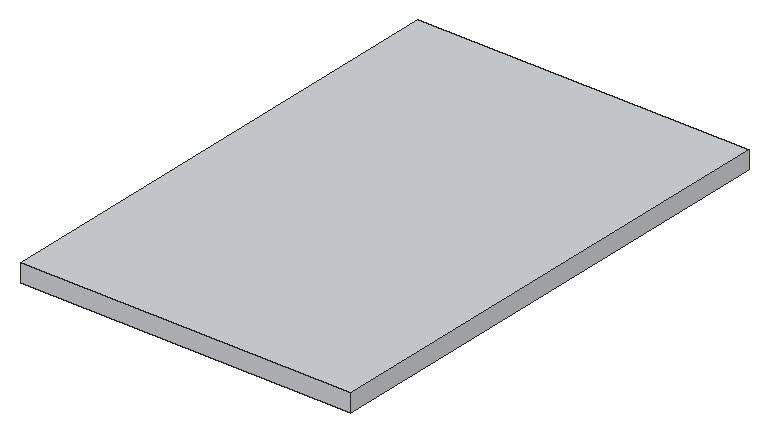
Revit family "RUFO2 360xWSxH0250xx", category Leuchten, Revit 2020
Family settings
  Basisbauteil = Fläche
  Bemaßung runder Anschluss = Durchmesser verwenden
  Teiletyp = Normal
  OmniClass-Nummer = 23.80.70.11
  OmniClass-Titel = Luminaries for Internal Lighting
  Beim Laden mit Abzugskörper schneiden = Nein
  Lichtquelle = Ja
  Gemeinsam genutzt = Nein
  Raumberechnungspunkt = Nein
Parameters (values of type "RUFO2 360NDWS840H0250-RS")
  width = 360 mm  # constant formula
  weight = "1,1 kg"
  voltage type (AC, DC, UC) = "AC"
  rated input power = 20
  product name = "RUFO2 360NDWS840H0250"
  nominal voltage = "230"
  nominal frequency = "50-60Hz"
  length = 360 mm  # constant formula
  ingress protection (IP) code = "IP40"
  height = 95 mm  # constant formula
  electrical safety class = "1"
  control gear = ""
  conformity mark = "CE"  # constant formula
  brand = "RIDI"
  approval mark = ""
  built-in parameter 1150104 = 13.8 (stored number, unit not read)
  Wattage = 17.3015 W
  Von Kreisdurchmesser aussenden = 360 mm
  Default Elevation = 0 mm
  built-in parameter 1150113 = 1 (stored number, unit not read)
  built-in parameter 1114218 = 1 (stored number, unit not read)
  URL = "www.ridi.de"
  built-in parameter 1150134 = 12
  built-in parameter 1150109 = 1 (stored number, unit not read)
  built-in parameter 1150110 = 1 (stored number, unit not read)
  Apparent Load = 20 VA
  Tilt Angle = 90.00°
  Modell = "0420843//396"
  built-in parameter 1114217 = 1 (stored number, unit not read)
  built-in parameter 1150139 = (empty or 0)
  built-in parameter 1150105 = 204.51 (stored number, unit not read)
  built-in parameter 1150114 = 1 (stored number, unit not read)
  Lumens = 2570 lm
  built-in parameter 1150115 = 1 (stored number, unit not read)
  built-in parameter 1150112 = 1 (stored number, unit not read)
  Lampe = "LED"
  Hersteller = "RIDI Leuchten GmbH"  # constant formula
  Dimming Lamp Color Temperature Shift = (empty or 0)
  Color Filter = 16777215
  built-in parameter 1150133 = 10 (stored number, unit not read)
  Emit Shape Visible in Rendering = no
  built-in parameter 1150137 = (empty or 0)
  built-in parameter 1150132 = 2
  Datei für fotometrisches Netz = "RUFO2_360.IES"
  Copyright = "© RIDI. All rights reserved."  # constant formula
  built-in parameter 1150106 = 2.0451 (stored number, unit not read)
  Baugruppenkennzeichen = "D5020200"
  built-in parameter 1150107 = 4000 (stored number, unit not read)
  built-in parameter 1150102 = (empty or 0)
  built-in parameter 1150138 = (empty or 0)
Types (19, lengths in mm): name | weight | rated input power | product name | Wattage | built-in parameter 1150134 | Apparent Load | Modell | built-in parameter 1150105 | Lumens | built-in parameter 1150106 | built-in parameter 1150107
  (no name) | "1,1 kg" | 20 | "RUFO2 360NDWS840H0250" | 17.3015 W | 12 | 20 VA | "0420843//396" | 204.51 (stored number, unit not read) | 2570 lm | 2.0451 (stored number, unit not read) | 4000 (stored number, unit not read)
  RUFO2 360NDWS840H0250 | "1,06 kg" | 20 | "RUFO2 360NDWS840H0250" | 17.3015 W | 12 | 20 VA | "0420843" | 204.51 (stored number, unit not read) | 2570 lm | 2.0451 (stored number, unit not read) | 4000 (stored number, unit not read)
  RUFO2 360NDWS840H0250-RS | "1,1 kg" | 20 | "RUFO2 360NDWS840H0250" | 17.3015 W | 12 | 20 VA | "0420843//396" | 204.51 (stored number, unit not read) | 2570 lm | 2.0451 (stored number, unit not read) | 4000 (stored number, unit not read)
  RUFO2 360NDWS830H0250 | "1,06 kg" | 20 | "RUFO2 360NDWS830H0250" | 16.6283 W | (empty or 0) | 20 VA | "0420849" | 196.56 (stored number, unit not read) | 2470 lm | 1.9656 (stored number, unit not read) | 3000 (stored number, unit not read)
  RUFO2 360NDWS830H0250-RS | "1,1 kg" | 20 | "RUFO2 360NDWS830H0250-RS" | 16.6283 W | (empty or 0) | 20 VA | "0420849//396" | 196.56 (stored number, unit not read) | 2470 lm | 1.9656 (stored number, unit not read) | 3000 (stored number, unit not read)
  RUFO2 360NDWS840H0250-IK | "1,06 kg" | 20 | "RUFO2 360NDWS840H0250-IK" | 17.3015 W | 12 | 20 VA | "0420855" | 204.51 (stored number, unit not read) | 2570 lm | 2.0451 (stored number, unit not read) | 4000 (stored number, unit not read)
  RUFO2 360NDWS840H0250-IK-EDS3 | "1,26 kg" | 20 | "RUFO2 360NDWS840H0250-IK-EDS3" | 17.3015 W | 12 | 20 VA | "0420855//377" | 204.51 (stored number, unit not read) | 2570 lm | 2.0451 (stored number, unit not read) | 4000 (stored number, unit not read)
  RUFO2 360NDWS840H0250-IK-RS | "1,1 kg" | 20 | "RUFO2 360NDWS840H0250-IK-RS" | 17.3015 W | 12 | 20 VA | "0420855//396" | 204.51 (stored number, unit not read) | 2570 lm | 2.0451 (stored number, unit not read) | 4000 (stored number, unit not read)
  RUFO2 360NDWS830H0250-IK | "1,06 kg" | 20 | "RUFO2 360NDWS830H0250-IK" | 16.6283 W | (empty or 0) | 20 VA | "0420861" | 196.56 (stored number, unit not read) | 2470 lm | 1.9656 (stored number, unit not read) | 3000 (stored number, unit not read)
  RUFO2 360NDWS830H0250-IK-EDS3 | "1,26 kg" | 20 | "RUFO2 360NDWS830H0250-IK-EDS3" | 16.6283 W | (empty or 0) | 20 VA | "0420861//377" | 196.56 (stored number, unit not read) | 2470 lm | 1.9656 (stored number, unit not read) | 3000 (stored number, unit not read)
  RUFO2 360NDWS830H0250-IK-RS | "1,1 kg" | 20 | "RUFO2 360NDWS830H0250-IK-RS" | 16.6283 W | (empty or 0) | 20 VA | "0420861//396" | 196.56 (stored number, unit not read) | 2470 lm | 1.9656 (stored number, unit not read) | 3000 (stored number, unit not read)
  RUFO2 360DAWS840H0250 | "1,06 kg" | 20 | "RUFO2 360DAWS840H0250" | 17.3015 W | 12 | 20 VA | "0430843" | 204.51 (stored number, unit not read) | 2570 lm | 2.0451 (stored number, unit not read) | 4000 (stored number, unit not read)
  RUFO2 360DAWS830H0250 | "1,06 kg" | 20 | "RUFO2 360DAWS830H0250" | 16.6283 W | (empty or 0) | 20 VA | "0430849" | 196.56 (stored number, unit not read) | 2470 lm | 1.9656 (stored number, unit not read) | 3000 (stored number, unit not read)
  RUFO2 360DAWS840H0250-IK | "1,06 kg" | 20 | "RUFO2 360DAWS840H0250-IK" | 17.3015 W | 12 | 20 VA | "0430855" | 204.51 (stored number, unit not read) | 2570 lm | 2.0451 (stored number, unit not read) | 4000 (stored number, unit not read)
  RUFO2 360DAWS830H0250-IK | "1,06 kg" | 20 | "RUFO2 360DAWS830H0250-IK" | 16.6283 W | (empty or 0) | 20 VA | "0430861" | 196.56 (stored number, unit not read) | 2470 lm | 1.9656 (stored number, unit not read) | 3000 (stored number, unit not read)
  RUFO2 360NDWS840H0250-2K | "1,1 kg" | 18 | "RUFO2 360NDWS840H0250-2K" | 16.8303 W | 12 | 18 VA | "0420844" | 198.94 (stored number, unit not read) | 2500 lm | 1.9894 (stored number, unit not read) | 4000 (stored number, unit not read)
  RUFO2 360NDWS830H0250-2K | "1,1 kg" | 18 | "RUFO2 360NDWS830H0250-2K" | 16.1571 W | (empty or 0) | 18 VA | "0420850" | 190.99 (stored number, unit not read) | 2400 lm | 1.9099 (stored number, unit not read) | 3000 (stored number, unit not read)
  RUFO2 360NDWS840H0250-IK-2K | "1,1 kg" | 18 | "RUFO2 360NDWS840H0250-IK-2K" | 16.8303 W | 12 | 18 VA | "0420856" | 198.94 (stored number, unit not read) | 2500 lm | 1.9894 (stored number, unit not read) | 4000 (stored number, unit not read)
  RUFO2 360NDWS830H0250-IK-2K | "1,1 kg" | 18 | "RUFO2 360NDWS830H0250-IK-2K" | 16.1571 W | (empty or 0) | 18 VA | "0420862" | 190.99 (stored number, unit not read) | 2400 lm | 1.9099 (stored number, unit not read) | 3000 (stored number, unit not read)
Reference planes
  plane 1 "Mitte (Vorne/hinten)": y = 0
  plane 2: z = 0
  plane 3 "Mitte (Links/rechts)": x = 0
Forms (mm)
  Extrusion 1, solid
    sketch origin (219.2, 280.8, 0) x (1, 0, 0) y (0, 1, 0)
      loop
        line (-1219.2, 1219.2) -> (-1219.2, -1780.8) -> (780.8, -1780.8) -> (780.8, 1219.2) -> (-1219.2, 1219.2)
    from 0 to -107.307
Dimensions and locks
  locked: imposter light to Extrusion 1 at 95
  aligned and locked: plane 2 to Extrusion 1
  aligned and locked: imposter light to plane 3 "Mitte (Links/rechts)"
  aligned and locked: import instance to Extrusion 1
Connectors
  electrical at (-56.569, -21.213, 4.25), driven by "Apparent Load"
    settings: on import instance, index 1, voltage 230 V, apparent load 0 VA, apparent load phase1 20 VA, apparent load phase2 0 VA, apparent load phase3 0 VA, power factor 1, load classification "Lighting", number of poles 1, system type 31, power factor state 1, is connector primary yes, connector utility no, sub classification motor no, connector description ""
